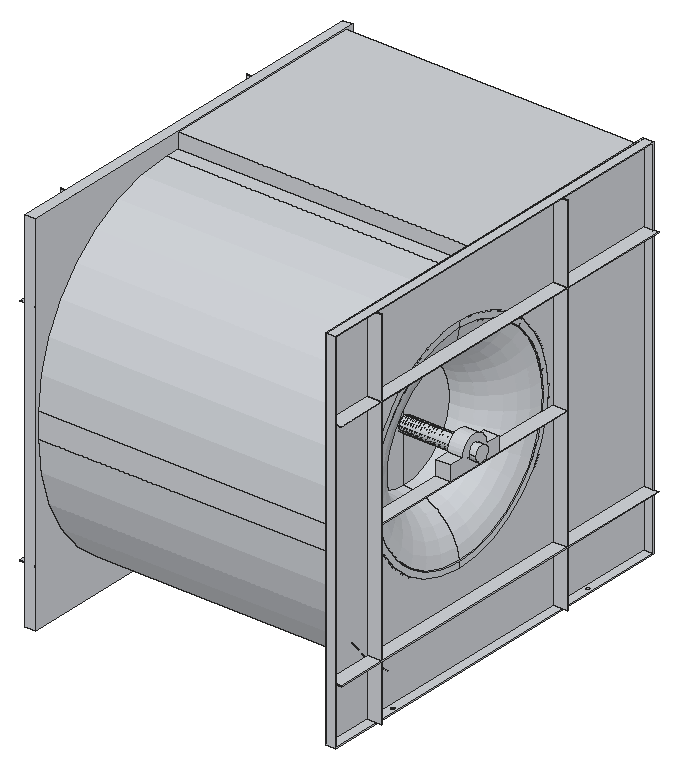
Revit family "CA-4_DWDI_ARR_3_CW_UBD", category Mechanical Equipment, Revit 2019
Family settings
  Round Connector Dimension = Use Radius
  Part Type = Normal
  Work Plane-Based = No
  Always vertical = Yes
  Cut with Voids When Loaded = No
  Shared = No
  Room Calculation Point = No
Parameters (values of type "600_CA-4_DWDI_ARR_3_CW_UBD_CLASS_3")
  T/2 = T / 2  # 17/32"
  T = 1 1/16"
  S = 32"
  P/2 = P / 2  # 44 7/8"
  P = 89 3/4"
  O = 44 7/8"
  N/2 = N / 2  # 2 7/32"
  N+A+H = N + A + H  # 69 5/8"
  N*2 = N * 2  # 8 7/8"
  N = 4 7/16"
  ModelID [instance] = ""
  M = 14 3/4"
  L = 110 3/4"
  J-.125" = J - 1/8"  # 2 7/8"
  J*1.5 = J * 1.5  # 4 1/2"
  INLET_RAD+1.5" = INLET_RAD + 1 1/2"  # 34 1/2"
  G+N = G + N  # 56 1/16"
  G-(INLET_RAD+1.5") = G - (INLET_RAD + 1 1/2")  # 17 1/8"
  G+(INLET_RAD+1.5") = G + (INLET_RAD + 1 1/2")  # 86 1/8"
  F-G = F - G  # 58"
  E = 49 3/4"
  Accessories [instance] = ""
  -J*1.5 = -J * 1.5  # -4 1/2"
  J = 3"
  Unit Weight [instance] = ""
  INLET_RAD/2 = INLET_RAD / 2  # 16 1/2"
  INLET_RAD = INLET_DIA / 2  # 33"
  INLET_DIA = 66"
  H = 3"
  EE = E  # 49 3/4"
  Sones [instance] = ""
  D/8 = D / 8  # 14 49/64"
  D/2 = D / 2  # 59 1/16"
  D = 118 1/8"
  Motor RPM [instance] = ""
  Motor Enclosure [instance] = ""
  LwA [instance] = ""
  Fan RPM [instance] = ""
  G = 51 5/8"
  F/2 = F / 2  # 54 13/16"
  F = 109 5/8"
  B/2 = B / 2  # 43 1/8"
  B+.25" = B + 1/4"  # 86 1/2"
  B = 86 1/4"
  A+.25" = A + 1/4"  # 62 7/16"
  A = 62 3/16"
  3" = 3"  # constant formula
  Brake Hp [instance] = ""
  4" = 4"  # constant formula
  2' = 24"
  2" = 2"  # constant formula
  1" = 1"  # constant formula
  0 = 0"  # constant formula
  Voltage [instance] = 0 V
  URL = "www.lorencook.com"
  Type Comments = "Airfoil Centrifugal Blower Arrangement 3 Clockwise Up Blast Discharge"  # constant formula
  Static Pressure [instance] = 0.00 in-wg
  Power [instance] = Voltage * Motor FLA * sqrt(if(Phase = 3, 3, 1))  # 0 VA
  Phase [instance] = 0
  Number of Poles [instance] = 1
  Motor Hp [instance] = "0"
  Motor FLA [instance] = 0 A
  Model = "CA-4 DWDI CW UBD Class 3"
  Manufacturer = "Loren Cook Company"
  CFM [instance] = 0 CFM
  1.5 = 1 1/2"  # constant formula
  ONE EIGTH = 1/8"  # constant formula
  -L+M = -L + M  # -96"
  -B = -B  # -86 1/4"
  -A = -A  # -62 3/16"
  -(B/2)-J = -(B / 2) - J  # -46 1/8"
  -B/2 = -B / 2  # -43 1/8"
  (F/2)-S = (F / 2) - S  # 22 13/16"
  (B/2)+J = (B / 2) + J  # 46 1/8"
  (B/2)+.125" = (B / 2) + 1/8"  # 43 1/4"
Types (55): name | T/2 | T | S | P/2 | P | O | N/2 | N+A+H | N*2 | N | M | L | J-.125" | J*1.5 | INLET_RAD+1.5" | G+N | G-(INLET_RAD+1.5") | G+(INLET_RAD+1.5") | F-G | E | -J*1.5 | J | INLET_RAD/2 | INLET_RAD | INLET_DIA | H | EE | D/8 | D/2 | D | G | F/2 | F | B/2 | B+.25" | B | A+.25" | A | Model | -L+M | -B | -A | -(B/2)-J | -B/2 | (F/2)-S | (B/2)+J | (B/2)+.125"
  (no name) | 17/32" | 1 1/16" | 32" | 44 7/8" | 89 3/4" | 44 7/8" | 2 7/32" | 69 5/8" | 8 7/8" | 4 7/16" | 14 3/4" | 110 3/4" | 2 7/8" | 4 1/2" | 34 1/2" | 56 1/16" | 17 1/8" | 86 1/8" | 58" | 49 3/4" | -4 1/2" | 3" | 16 1/2" | 33" | 66" | 3" | 49 3/4" | 14 49/64" | 59 1/16" | 118 1/8" | 51 5/8" | 54 13/16" | 109 5/8" | 43 1/8" | 86 1/2" | 86 1/4" | 62 7/16" | 62 3/16" | "CA-4 DWDI CW UBD Class 3" | -96" | -86 1/4" | -62 3/16" | -46 1/8" | -43 1/8" | 22 13/16" | 46 1/8" | 43 1/4"
  120_CA-4_DWDI_ARR_3_CW_UBD_CLASS_1 | 11/32" | 11/16" | 7 1/2" | 9 31/32" | 19 15/16" | 9 31/32" | 23/32" | 15 9/16" | 2 7/8" | 1 7/16" | 5 3/4" | 28 11/16" | 1 7/8" | 3" | 9 5/8" | 11 13/16" | 3/4" | 20" | 12 3/8" | 10 3/4" | -3" | 2" | 4 1/16" | 8 1/8" | 16 1/4" | 2" | 10 3/4" | 3 31/128" | 12 31/32" | 25 15/16" | 10 3/8" | 11 3/8" | 22 3/4" | 8 27/32" | 17 15/16" | 17 11/16" | 12 3/8" | 12 1/8" | "CA-4 DWDI CW UBD Class 1" | -22 15/16" | -17 11/16" | -12 1/8" | -10 27/32" | -8 27/32" | 3 7/8" | 10 27/32" | 8 31/32"
  120_CA-4_DWDI_ARR_3_CW_UBD_CLASS_2 | 11/32" | 11/16" | 7 1/2" | 9 31/32" | 19 15/16" | 9 31/32" | 27/32" | 15 13/16" | 3 3/8" | 1 11/16" | 6 1/8" | 29 7/16" | 1 7/8" | 3" | 9 5/8" | 12 1/16" | 3/4" | 20" | 12 3/8" | 10 3/4" | -3" | 2" | 4 1/16" | 8 1/8" | 16 1/4" | 2" | 10 3/4" | 3 31/128" | 12 31/32" | 25 15/16" | 10 3/8" | 11 3/8" | 22 3/4" | 8 27/32" | 17 15/16" | 17 11/16" | 12 3/8" | 12 1/8" | "CA-4 DWDI CW UBD Class 2" | -23 5/16" | -17 11/16" | -12 1/8" | -10 27/32" | -8 27/32" | 3 7/8" | 10 27/32" | 8 31/32"
  120_CA-4_DWDI_ARR_3_CW_UBD_CLASS_3 | 11/32" | 11/16" | 7 1/2" | 9 31/32" | 19 15/16" | 9 31/32" | 31/32" | 16 1/16" | 3 7/8" | 1 15/16" | 6 3/8" | 29 15/16" | 1 7/8" | 3" | 9 5/8" | 12 5/16" | 3/4" | 20" | 12 3/8" | 10 3/4" | -3" | 2" | 4 1/16" | 8 1/8" | 16 1/4" | 2" | 10 3/4" | 3 31/128" | 12 31/32" | 25 15/16" | 10 3/8" | 11 3/8" | 22 3/4" | 8 27/32" | 17 15/16" | 17 11/16" | 12 3/8" | 12 1/8" | "CA-4 DWDI CW UBD Class 3" | -23 9/16" | -17 11/16" | -12 1/8" | -10 27/32" | -8 27/32" | 3 7/8" | 10 27/32" | 8 31/32"
  135_CA-4_DWDI_ARR_3_CW_UBD_CLASS_1 | 11/32" | 11/16" | 8 1/2" | 11 3/32" | 22 3/16" | 11 3/32" | 23/32" | 17 1/16" | 2 7/8" | 1 7/16" | 5 3/4" | 30 15/16" | 1 7/8" | 3" | 10 3/8" | 13 1/16" | 1 1/4" | 22" | 13 7/8" | 12" | -3" | 2" | 4 7/16" | 8 7/8" | 17 3/4" | 2" | 12" | 3 3/16" | 12 3/4" | 25 1/2" | 11 5/8" | 12 3/4" | 25 1/2" | 9 31/32" | 20 3/16" | 19 15/16" | 13 7/8" | 13 5/8" | "CA-4 DWDI CW UBD Class 1" | -25 3/16" | -19 15/16" | -13 5/8" | -11 31/32" | -9 31/32" | 4 1/4" | 11 31/32" | 10 3/32"
  135_CA-4_DWDI_ARR_3_CW_UBD_CLASS_2 | 11/32" | 11/16" | 8 1/2" | 11 3/32" | 22 3/16" | 11 3/32" | 27/32" | 17 5/16" | 3 3/8" | 1 11/16" | 6 1/8" | 31 11/16" | 1 7/8" | 3" | 10 3/8" | 13 5/16" | 1 1/4" | 22" | 13 7/8" | 12" | -3" | 2" | 4 7/16" | 8 7/8" | 17 3/4" | 2" | 12" | 3 77/128" | 14 13/32" | 28 13/16" | 11 5/8" | 12 3/4" | 25 1/2" | 9 31/32" | 20 3/16" | 19 15/16" | 13 7/8" | 13 5/8" | "CA-4 DWDI CW UBD Class 2" | -25 9/16" | -19 15/16" | -13 5/8" | -11 31/32" | -9 31/32" | 4 1/4" | 11 31/32" | 10 3/32"
  135_CA-4_DWDI_ARR_3_CW_UBD_CLASS_3 | 11/32" | 11/16" | 8 1/2" | 11 3/32" | 22 3/16" | 11 3/32" | 1 3/32" | 17 13/16" | 4 3/8" | 2 3/16" | 6 5/8" | 32 11/16" | 1 7/8" | 3" | 10 3/8" | 13 13/16" | 1 1/4" | 22" | 13 7/8" | 12" | -3" | 2" | 4 7/16" | 8 7/8" | 17 3/4" | 2" | 12" | 3 77/128" | 14 13/32" | 28 13/16" | 11 5/8" | 12 3/4" | 25 1/2" | 9 31/32" | 20 3/16" | 19 15/16" | 13 7/8" | 13 5/8" | "CA-4 DWDI CW UBD Class 3" | -26 1/16" | -19 15/16" | -13 5/8" | -11 31/32" | -9 31/32" | 4 1/4" | 11 31/32" | 10 3/32"
  150_CA-4_DWDI_ARR_3_CW_UBD_CLASS_1 | 11/32" | 11/16" | 9" | 12 1/8" | 24 1/4" | 12 1/8" | 27/32" | 18 15/16" | 3 3/8" | 1 11/16" | 6 5/8" | 34 1/4" | 1 7/8" | 3" | 11 1/8" | 14 9/16" | 1 3/4" | 24" | 15 1/4" | 13 1/4" | -3" | 2" | 4 13/16" | 9 5/8" | 19 1/4" | 2" | 13 1/4" | 3 123/128" | 15 27/32" | 31 11/16" | 12 7/8" | 14 1/16" | 28 1/8" | 11" | 22 1/4" | 22" | 15 1/2" | 15 1/4" | "CA-4 DWDI CW UBD Class 1" | -27 5/8" | -22" | -15 1/4" | -13" | -11" | 5 1/16" | 13" | 11 1/8"
  150_CA-4_DWDI_ARR_3_CW_UBD_CLASS_2 | 11/32" | 11/16" | 9" | 12 1/8" | 24 1/4" | 12 1/8" | 31/32" | 19 3/16" | 3 7/8" | 1 15/16" | 6 7/8" | 34 3/4" | 1 7/8" | 3" | 11 1/8" | 14 13/16" | 1 3/4" | 24" | 15 1/4" | 13 1/4" | -3" | 2" | 4 13/16" | 9 5/8" | 19 1/4" | 2" | 13 1/4" | 3 123/128" | 15 27/32" | 31 11/16" | 12 7/8" | 14 1/16" | 28 1/8" | 11" | 22 1/4" | 22" | 15 1/2" | 15 1/4" | "CA-4 DWDI CW UBD Class 2" | -27 7/8" | -22" | -15 1/4" | -13" | -11" | 5 1/16" | 13" | 11 1/8"
  150_CA-4_DWDI_ARR_3_CW_UBD_CLASS_3 | 11/32" | 11/16" | 9" | 12 1/8" | 24 1/4" | 12 1/8" | 1 7/32" | 19 11/16" | 4 7/8" | 2 7/16" | 7 1/4" | 35 1/2" | 1 7/8" | 3" | 11 1/8" | 15 5/16" | 1 3/4" | 24" | 15 1/4" | 13 1/4" | -3" | 2" | 4 13/16" | 9 5/8" | 19 1/4" | 2" | 13 1/4" | 3 123/128" | 15 27/32" | 31 11/16" | 12 7/8" | 14 1/16" | 28 1/8" | 11" | 22 1/4" | 22" | 15 1/2" | 15 1/4" | "CA-4 DWDI CW UBD Class 3" | -28 1/4" | -22" | -15 1/4" | -13" | -11" | 5 1/16" | 13" | 11 1/8"
  165_CA-4_DWDI_ARR_3_CW_UBD_CLASS_1 | 11/32" | 11/16" | 10" | 13 1/8" | 26 1/4" | 13 1/8" | 27/32" | 20 5/8" | 3 3/8" | 1 11/16" | 6 5/8" | 36 1/4" | 1 7/8" | 3" | 12 1/8" | 15 15/16" | 2 1/8" | 26 3/8" | 16 5/8" | 14 3/8" | -3" | 2" | 5 5/16" | 10 5/8" | 21 1/4" | 2" | 14 3/8" | 4 39/128" | 17 7/32" | 34 7/16" | 14 1/4" | 15 7/16" | 30 7/8" | 12" | 24 1/4" | 24" | 17 3/16" | 16 15/16" | "CA-4 DWDI CW UBD Class 1" | -29 5/8" | -24" | -16 15/16" | -14" | -12" | 5 7/16" | 14" | 12 1/8"
  165_CA-4_DWDI_ARR_3_CW_UBD_CLASS_2 | 11/32" | 11/16" | 10" | 13 1/8" | 26 1/4" | 13 1/8" | 31/32" | 20 7/8" | 3 7/8" | 1 15/16" | 6 7/8" | 36 3/4" | 1 7/8" | 3" | 12 1/8" | 16 3/16" | 2 1/8" | 26 3/8" | 16 5/8" | 14 3/8" | -3" | 2" | 5 5/16" | 10 5/8" | 21 1/4" | 2" | 14 3/8" | 4 39/128" | 17 7/32" | 34 7/16" | 14 1/4" | 15 7/16" | 30 7/8" | 12" | 24 1/4" | 24" | 17 3/16" | 16 15/16" | "CA-4 DWDI CW UBD Class 2" | -29 7/8" | -24" | -16 15/16" | -14" | -12" | 5 7/16" | 14" | 12 1/8"
  165_CA-4_DWDI_ARR_3_CW_UBD_CLASS_3 | 11/32" | 11/16" | 10" | 13 1/8" | 26 1/4" | 13 1/8" | 1 7/32" | 21 3/8" | 4 7/8" | 2 7/16" | 7 3/16" | 37 1/2" | 1 7/8" | 3" | 12 1/8" | 16 11/16" | 2 1/8" | 26 3/8" | 16 5/8" | 14 3/8" | -3" | 2" | 5 5/16" | 10 5/8" | 21 1/4" | 2" | 14 3/8" | 4 39/128" | 17 7/32" | 34 7/16" | 14 1/4" | 15 7/16" | 30 7/8" | 12" | 24 1/4" | 24" | 17 3/16" | 16 15/16" | "CA-4 DWDI CW UBD Class 3" | -30 5/16" | -24" | -16 15/16" | -14" | -12" | 5 7/16" | 14" | 12 1/8"
  180_CA-4_DWDI_ARR_3_CW_UBD_CLASS_1 | 11/32" | 11/16" | 11" | 14 5/32" | 28 5/16" | 14 5/32" | 27/32" | 22 3/16" | 3 3/8" | 1 11/16" | 7 1/8" | 38 13/16" | 1 7/8" | 3" | 12 7/8" | 17 3/16" | 2 5/8" | 28 3/8" | 18 1/8" | 15 5/8" | -3" | 2" | 5 11/16" | 11 3/8" | 22 3/4" | 2" | 15 5/8" | 4 85/128" | 18 21/32" | 37 5/16" | 15 1/2" | 16 13/16" | 33 5/8" | 13 1/32" | 26 5/16" | 26 1/16" | 18 3/4" | 18 1/2" | "CA-4 DWDI CW UBD Class 1" | -31 11/16" | -26 1/16" | -18 1/2" | -15 1/32" | -13 1/32" | 5 13/16" | 15 1/32" | 13 5/32"
  180_CA-4_DWDI_ARR_3_CW_UBD_CLASS_2 | 11/32" | 11/16" | 11" | 14 5/32" | 28 5/16" | 14 5/32" | 31/32" | 22 7/16" | 3 7/8" | 1 15/16" | 7 3/8" | 39 5/16" | 1 7/8" | 3" | 12 7/8" | 17 7/16" | 2 5/8" | 28 3/8" | 18 1/8" | 15 5/8" | -3" | 2" | 5 11/16" | 11 3/8" | 22 3/4" | 2" | 15 5/8" | 4 85/128" | 18 21/32" | 37 5/16" | 15 1/2" | 16 13/16" | 33 5/8" | 13 1/32" | 26 5/16" | 26 1/16" | 18 3/4" | 18 1/2" | "CA-4 DWDI CW UBD Class 2" | -31 15/16" | -26 1/16" | -18 1/2" | -15 1/32" | -13 1/32" | 5 13/16" | 15 1/32" | 13 5/32"
  180_CA-4_DWDI_ARR_3_CW_UBD_CLASS_3 | 11/32" | 11/16" | 11" | 14 5/32" | 28 5/16" | 14 5/32" | 1 7/32" | 22 15/16" | 4 7/8" | 2 7/16" | 7 3/4" | 40 1/16" | 1 7/8" | 3" | 12 7/8" | 17 15/16" | 2 5/8" | 28 3/8" | 18 1/8" | 15 5/8" | -3" | 2" | 5 11/16" | 11 3/8" | 22 3/4" | 2" | 15 5/8" | 4 85/128" | 18 21/32" | 37 5/16" | 15 1/2" | 16 13/16" | 33 5/8" | 13 1/32" | 26 5/16" | 26 1/16" | 18 3/4" | 18 1/2" | "CA-4 DWDI CW UBD Class 3" | -32 5/16" | -26 1/16" | -18 1/2" | -15 1/32" | -13 1/32" | 5 13/16" | 15 1/32" | 13 5/32"
  195_CA-4_DWDI_ARR_3_CW_UBD_CLASS_1 | 11/32" | 11/16" | 11 1/2" | 15 11/32" | 30 11/16" | 15 11/32" | 31/32" | 23 7/16" | 3 7/8" | 1 15/16" | 7 1/4" | 41 11/16" | 1 7/8" | 3" | 13 5/8" | 18 11/16" | 3 1/8" | 30 3/8" | 19 1/2" | 16 3/4" | -3" | 2" | 6 1/16" | 12 1/8" | 24 1/4" | 2" | 16 3/4" | 5 1/128" | 20 1/32" | 40 1/16" | 16 3/4" | 18 1/8" | 36 1/4" | 14 7/32" | 28 11/16" | 28 7/16" | 19 3/4" | 19 1/2" | "CA-4 DWDI CW UBD Class 1" | -34 7/16" | -28 7/16" | -19 1/2" | -16 7/32" | -14 7/32" | 6 5/8" | 16 7/32" | 14 11/32"
  195_CA-4_DWDI_ARR_3_CW_UBD_CLASS_2 | 11/32" | 11/16" | 11 1/2" | 15 11/32" | 30 11/16" | 15 11/32" | 1 3/32" | 23 11/16" | 4 3/8" | 2 3/16" | 7 5/8" | 42 3/16" | 1 7/8" | 3" | 13 5/8" | 18 15/16" | 3 1/8" | 30 3/8" | 19 1/2" | 16 3/4" | -3" | 2" | 6 1/16" | 12 1/8" | 24 1/4" | 2" | 16 3/4" | 5 1/128" | 20 1/32" | 40 1/16" | 16 3/4" | 18 1/8" | 36 1/4" | 14 7/32" | 28 11/16" | 28 7/16" | 19 3/4" | 19 1/2" | "CA-4 DWDI CW UBD Class 2" | -34 9/16" | -28 7/16" | -19 1/2" | -16 7/32" | -14 7/32" | 6 5/8" | 16 7/32" | 14 11/32"
  195_CA-4_DWDI_ARR_3_CW_UBD_CLASS_3 | 11/32" | 11/16" | 11 1/2" | 15 11/32" | 30 11/16" | 15 11/32" | 1 11/32" | 24 3/16" | 5 3/8" | 2 11/16" | 8" | 42 15/16" | 1 7/8" | 3" | 13 5/8" | 19 7/16" | 3 1/8" | 30 3/8" | 19 1/2" | 16 3/4" | -3" | 2" | 6 1/16" | 12 1/8" | 24 1/4" | 2" | 16 3/4" | 5 1/128" | 20 1/32" | 40 1/16" | 16 3/4" | 18 1/8" | 36 1/4" | 14 7/32" | 28 11/16" | 28 7/16" | 19 3/4" | 19 1/2" | "CA-4 DWDI CW UBD Class 3" | -34 15/16" | -28 7/16" | -19 1/2" | -16 7/32" | -14 7/32" | 6 5/8" | 16 7/32" | 14 11/32"
  210_CA-4_DWDI_ARR_3_CW_UBD_CLASS_1 | 15/32" | 15/16" | 12" | 16 5/16" | 32 5/8" | 6 5/16" | 31/32" | 25 9/16" | 3 7/8" | 1 15/16" | 7 7/8" | 44 1/8" | 1 7/8" | 3" | 14 1/2" | 20 1/16" | 3 5/8" | 32 5/8" | 21" | 18" | -3" | 2" | 6 1/2" | 13" | 26" | 2" | 18" | 5 47/128" | 21 15/32" | 42 15/16" | 18 1/8" | 19 9/16" | 39 1/8" | 15 3/16" | 30 5/8" | 30 3/8" | 21 7/8" | 21 5/8" | "CA-4 DWDI CW UBD Class 1" | -36 1/4" | -30 3/8" | -21 5/8" | -17 3/16" | -15 3/16" | 7 9/16" | 17 3/16" | 15 5/16"
  210_CA-4_DWDI_ARR_3_CW_UBD_CLASS_2 | 15/32" | 15/16" | 12" | 16 5/16" | 32 5/8" | 6 5/16" | 1 3/32" | 25 13/16" | 4 3/8" | 2 3/16" | 8 1/8" | 44 5/8" | 1 7/8" | 3" | 14 1/2" | 20 5/16" | 3 5/8" | 32 5/8" | 21" | 18" | -3" | 2" | 6 1/2" | 13" | 26" | 2" | 18" | 5 47/128" | 21 15/32" | 42 15/16" | 18 1/8" | 19 9/16" | 39 1/8" | 15 3/16" | 30 5/8" | 30 3/8" | 21 7/8" | 21 5/8" | "CA-4 DWDI CW UBD Class 2" | -36 1/2" | -30 3/8" | -21 5/8" | -17 3/16" | -15 3/16" | 7 9/16" | 17 3/16" | 15 5/16"
  210_CA-4_DWDI_ARR_3_CW_UBD_CLASS_3 | 15/32" | 15/16" | 12" | 16 5/16" | 32 5/8" | 6 5/16" | 1 11/32" | 26 5/16" | 5 3/8" | 2 11/16" | 8 1/2" | 45 3/8" | 1 7/8" | 3" | 14 1/2" | 20 13/16" | 3 5/8" | 32 5/8" | 21" | 18" | -3" | 2" | 6 1/2" | 13" | 26" | 2" | 18" | 5 47/128" | 21 15/32" | 42 15/16" | 18 1/8" | 19 9/16" | 39 1/8" | 15 3/16" | 30 5/8" | 30 3/8" | 21 7/8" | 21 5/8" | "CA-4 DWDI CW UBD Class 3" | -36 7/8" | -30 3/8" | -21 5/8" | -17 3/16" | -15 3/16" | 7 9/16" | 17 3/16" | 15 5/16"
  225_CA-4_DWDI_ARR_3_CW_UBD_CLASS_1 | 15/32" | 15/16" | 12 1/2" | 17 3/8" | 34 3/4" | 17 3/8" | 31/32" | 27 1/8" | 3 7/8" | 1 15/16" | 7 7/8" | 46 1/4" | 1 7/8" | 3" | 15 1/4" | 21 5/16" | 4 1/8" | 34 5/8" | 22 3/8" | 19 1/4" | -3" | 2" | 6 7/8" | 13 3/4" | 27 1/2" | 2" | 19 1/4" | 5 93/128" | 22 29/32" | 45 13/16" | 19 3/8" | 20 7/8" | 41 3/4" | 16 1/4" | 32 3/4" | 32 1/2" | 23 7/16" | 23 3/16" | "CA-4 DWDI CW UBD Class 1" | -38 3/8" | -32 1/2" | -23 3/16" | -18 1/4" | -16 1/4" | 8 3/8" | 18 1/4" | 16 3/8"
  225_CA-4_DWDI_ARR_3_CW_UBD_CLASS_2 | 15/32" | 15/16" | 12 1/2" | 17 3/8" | 34 3/4" | 17 3/8" | 1 7/32" | 27 5/8" | 4 7/8" | 2 7/16" | 8 1/4" | 47" | 1 7/8" | 3" | 15 1/4" | 21 13/16" | 4 1/8" | 34 5/8" | 22 3/8" | 19 1/4" | -3" | 2" | 6 7/8" | 13 3/4" | 27 1/2" | 2" | 19 1/4" | 5 93/128" | 22 29/32" | 45 13/16" | 19 3/8" | 20 7/8" | 41 3/4" | 16 1/4" | 32 3/4" | 32 1/2" | 23 7/16" | 23 3/16" | "CA-4 DWDI CW UBD Class 2" | -38 3/4" | -32 1/2" | -23 3/16" | -18 1/4" | -16 1/4" | 8 3/8" | 18 1/4" | 16 3/8"
  225_CA-4_DWDI_ARR_3_CW_UBD_CLASS_3 | 15/32" | 15/16" | 12 1/2" | 17 3/8" | 34 3/4" | 17 3/8" | 1 15/32" | 28 1/8" | 5 7/8" | 2 15/16" | 8 1/2" | 47 1/2" | 1 7/8" | 3" | 15 1/4" | 22 5/16" | 4 1/8" | 34 5/8" | 22 3/8" | 19 1/4" | -3" | 2" | 6 7/8" | 13 3/4" | 27 1/2" | 2" | 19 1/4" | 5 93/128" | 22 29/32" | 45 13/16" | 19 3/8" | 20 7/8" | 41 3/4" | 16 1/4" | 32 3/4" | 32 1/2" | 23 7/16" | 23 3/16" | "CA-4 DWDI CW UBD Class 3" | -39" | -32 1/2" | -23 3/16" | -18 1/4" | -16 1/4" | 8 3/8" | 18 1/4" | 16 3/8"
  245_CA-4_DWDI_ARR_3_CW_UBD_CLASS_1 | 15/32" | 15/16" | 12 1/2" | 18 21/32" | 37 5/16" | 18 21/32" | 1 3/32" | 29 11/16" | 4 3/8" | 2 3/16" | 8 5/8" | 49 13/16" | 1 7/8" | 3" | 16 1/4" | 23 5/16" | 4 7/8" | 37 3/8" | 24 1/4" | 20 7/8" | -3" | 2" | 7 3/8" | 14 3/4" | 29 1/2" | 2" | 20 7/8" | 6 13/64" | 24 13/16" | 49 5/8" | 21 1/8" | 22 11/16" | 45 3/8" | 17 17/32" | 35 5/16" | 35 1/16" | 25 3/4" | 25 1/2" | "CA-4 DWDI CW UBD Class 1" | -41 3/16" | -35 1/16" | -25 1/2" | -19 17/32" | -17 17/32" | 10 3/16" | 19 17/32" | 17 21/32"
  245_CA-4_DWDI_ARR_3_CW_UBD_CLASS_2 | 15/32" | 15/16" | 12 1/2" | 18 21/32" | 37 5/16" | 18 21/32" | 1 7/32" | 29 15/16" | 4 7/8" | 2 7/16" | 8 3/4" | 50 1/16" | 1 7/8" | 3" | 16 1/4" | 23 9/16" | 4 7/8" | 37 3/8" | 24 1/4" | 20 7/8" | -3" | 2" | 7 3/8" | 14 3/4" | 29 1/2" | 2" | 20 7/8" | 6 13/64" | 24 13/16" | 49 5/8" | 21 1/8" | 22 11/16" | 45 3/8" | 17 17/32" | 35 5/16" | 35 1/16" | 25 3/4" | 25 1/2" | "CA-4 DWDI CW UBD Class 2" | -41 5/16" | -35 1/16" | -25 1/2" | -19 17/32" | -17 17/32" | 10 3/16" | 19 17/32" | 17 21/32"
  245_CA-4_DWDI_ARR_3_CW_UBD_CLASS_3 | 15/32" | 15/16" | 12 1/2" | 18 21/32" | 37 5/16" | 18 21/32" | 1 3/32" | 29 11/16" | 4 3/8" | 2 3/16" | 8 3/4" | 50 11/16" | 1 7/8" | 3" | 16 1/4" | 23 5/16" | 4 7/8" | 37 3/8" | 24 1/4" | 20 7/8" | -3" | 2" | 7 3/8" | 14 3/4" | 29 1/2" | 2" | 20 7/8" | 6 13/64" | 24 13/16" | 49 5/8" | 21 1/8" | 22 11/16" | 45 3/8" | 17 17/32" | 35 5/16" | 35 1/16" | 25 3/4" | 25 1/2" | "CA-4 DWDI CW UBD Class 3" | -41 15/16" | -35 1/16" | -25 1/2" | -19 17/32" | -17 17/32" | 10 3/16" | 19 17/32" | 17 21/32"
  270_CA-4_DWDI_ARR_3_CW_UBD_CLASS_1 | 15/32" | 15/16" | 15" | 20 27/32" | 41 11/16" | 20 27/32" | 1 3/32" | 31 11/16" | 4 3/8" | 2 3/16" | 8 5/8" | 54 3/16" | 1 7/8" | 3" | 17 1/2" | 25 7/16" | 5 3/4" | 40 3/4" | 26 5/8" | 23 3/8" | -3" | 2" | 8" | 16" | 32" | 2" | 23 3/8" | 6 55/64" | 27 7/16" | 54 7/8" | 23 1/4" | 24 15/16" | 49 7/8" | 19 23/32" | 39 11/16" | 39 7/16" | 27 3/4" | 27 1/2" | "CA-4 DWDI CW UBD Class 1" | -45 9/16" | -39 7/16" | -27 1/2" | -21 23/32" | -19 23/32" | 9 15/16" | 21 23/32" | 19 27/32"
  270_CA-4_DWDI_ARR_3_CW_UBD_CLASS_2 | 15/32" | 15/16" | 15" | 20 27/32" | 41 11/16" | 20 27/32" | 1 11/32" | 32 3/16" | 5 3/8" | 2 11/16" | 9" | 54 15/16" | 1 7/8" | 3" | 17 1/2" | 25 15/16" | 5 3/4" | 40 3/4" | 26 5/8" | 23 3/8" | -3" | 2" | 8" | 16" | 32" | 2" | 23 3/8" | 6 55/64" | 27 7/16" | 54 7/8" | 23 1/4" | 24 15/16" | 49 7/8" | 19 23/32" | 39 11/16" | 39 7/16" | 27 3/4" | 27 1/2" | "CA-4 DWDI CW UBD Class 2" | -45 15/16" | -39 7/16" | -27 1/2" | -21 23/32" | -19 23/32" | 9 15/16" | 21 23/32" | 19 27/32"
  270_CA-4_DWDI_ARR_3_CW_UBD_CLASS_3 | 15/32" | 15/16" | 15" | 20 27/32" | 41 11/16" | 20 27/32" | 1 3/32" | 31 11/16" | 4 3/8" | 2 3/16" | 8 3/4" | 55 1/16" | 1 7/8" | 3" | 17 1/2" | 25 7/16" | 5 3/4" | 40 3/4" | 26 5/8" | 23 3/8" | -3" | 2" | 8" | 16" | 32" | 2" | 23 3/8" | 6 55/64" | 27 7/16" | 54 7/8" | 23 1/4" | 24 15/16" | 49 7/8" | 19 23/32" | 39 11/16" | 39 7/16" | 27 3/4" | 27 1/2" | "CA-4 DWDI CW UBD Class 3" | -46 5/16" | -39 7/16" | -27 1/2" | -21 23/32" | -19 23/32" | 9 15/16" | 21 23/32" | 19 27/32"
  300_CA-4_DWDI_ARR_3_CW_UBD_CLASS_1 | 15/32" | 15/16" | 16 1/2" | 22 5/8" | 45 1/4" | 22 5/8" | 1 7/32" | 35 5/8" | 4 7/8" | 2 7/16" | 9 1/4" | 58 1/2" | 1 7/8" | 3" | 19" | 28 5/16" | 6 7/8" | 44 7/8" | 29 1/2" | 25 3/8" | -3" | 2" | 8 3/4" | 17 1/2" | 35" | 2" | 25 3/8" | 7 33/64" | 30 1/16" | 60 1/8" | 25 7/8" | 27 11/16" | 55 3/8" | 21 1/2" | 43 1/4" | 43" | 31 7/16" | 31 3/16" | "CA-4 DWDI CW UBD Class 1" | -49 1/4" | -43" | -31 3/16" | -23 1/2" | -21 1/2" | 11 3/16" | 23 1/2" | 21 5/8"
  300_CA-4_DWDI_ARR_3_CW_UBD_CLASS_2 | 15/32" | 15/16" | 16 1/2" | 22 5/8" | 45 1/4" | 22 5/8" | 1 11/32" | 35 7/8" | 5 3/8" | 2 11/16" | 9 1/2" | 59" | 1 7/8" | 3" | 19" | 28 9/16" | 6 7/8" | 44 7/8" | 29 1/2" | 25 3/8" | -3" | 2" | 8 3/4" | 17 1/2" | 35" | 2" | 25 3/8" | 7 33/64" | 30 1/16" | 60 1/8" | 25 7/8" | 27 11/16" | 55 3/8" | 21 1/2" | 43 1/4" | 43" | 31 7/16" | 31 3/16" | "CA-4 DWDI CW UBD Class 2" | -49 1/2" | -43" | -31 3/16" | -23 1/2" | -21 1/2" | 11 3/16" | 23 1/2" | 21 5/8"
  300_CA-4_DWDI_ARR_3_CW_UBD_CLASS_3 | 15/32" | 15/16" | 16 1/2" | 22 5/8" | 45 1/4" | 22 5/8" | 1 7/32" | 35 5/8" | 4 7/8" | 2 7/16" | 9 1/2" | 59 3/8" | 1 7/8" | 3" | 19" | 28 5/16" | 6 7/8" | 44 7/8" | 29 1/2" | 25 3/8" | -3" | 2" | 8 3/4" | 17 1/2" | 35" | 2" | 25 3/8" | 7 33/64" | 30 1/16" | 60 1/8" | 25 7/8" | 27 11/16" | 55 3/8" | 21 1/2" | 43 1/4" | 43" | 31 7/16" | 31 3/16" | "CA-4 DWDI CW UBD Class 3" | -49 7/8" | -43" | -31 3/16" | -23 1/2" | -21 1/2" | 11 3/16" | 23 1/2" | 21 5/8"
  330_CA-4_DWDI_ARR_3_CW_UBD_CLASS_1 | 15/32" | 15/16" | 18" | 24 21/32" | 49 5/16" | 24 21/32" | 1 11/32" | 39 3/16" | 5 3/8" | 2 11/16" | 10 1/16" | 63 9/16" | 1 7/8" | 3" | 20 1/2" | 31 1/16" | 7 7/8" | 48 7/8" | 32 3/8" | 27 7/8" | -3" | 2" | 9 1/2" | 19" | 38" | 2" | 27 7/8" | 8 31/128" | 32 31/32" | 65 15/16" | 28 3/8" | 30 3/8" | 60 3/4" | 23 17/32" | 47 5/16" | 47 1/16" | 34 3/4" | 34 1/2" | "CA-4 DWDI CW UBD Class 1" | -53 1/2" | -47 1/16" | -34 1/2" | -25 17/32" | -23 17/32" | 12 3/8" | 25 17/32" | 23 21/32"
  330_CA-4_DWDI_ARR_3_CW_UBD_CLASS_2 | 15/32" | 15/16" | 18" | 24 21/32" | 49 5/16" | 24 21/32" | 1 3/32" | 38 11/16" | 4 3/8" | 2 3/16" | 9 5/8" | 63 11/16" | 1 7/8" | 3" | 20 1/2" | 30 9/16" | 7 7/8" | 48 7/8" | 32 3/8" | 27 7/8" | -3" | 2" | 9 1/2" | 19" | 38" | 2" | 27 7/8" | 8 31/128" | 32 31/32" | 65 15/16" | 28 3/8" | 30 3/8" | 60 3/4" | 23 17/32" | 47 5/16" | 47 1/16" | 34 3/4" | 34 1/2" | "CA-4 DWDI CW UBD Class 2" | -54 1/16" | -47 1/16" | -34 1/2" | -25 17/32" | -23 17/32" | 12 3/8" | 25 17/32" | 23 21/32"
  330_CA-4_DWDI_ARR_3_CW_UBD_CLASS_3 | 15/32" | 15/16" | 18" | 24 21/32" | 49 5/16" | 24 21/32" | 1 7/32" | 38 15/16" | 4 7/8" | 2 7/16" | 10" | 63 15/16" | 1 7/8" | 3" | 20 1/2" | 30 13/16" | 7 7/8" | 48 7/8" | 32 3/8" | 27 7/8" | -3" | 2" | 9 1/2" | 19" | 38" | 2" | 27 7/8" | 8 31/128" | 32 31/32" | 65 15/16" | 28 3/8" | 30 3/8" | 60 3/4" | 23 17/32" | 47 5/16" | 47 1/16" | 34 3/4" | 34 1/2" | "CA-4 DWDI CW UBD Class 3" | -53 15/16" | -47 1/16" | -34 1/2" | -25 17/32" | -23 17/32" | 12 3/8" | 25 17/32" | 23 21/32"
  365_CA-4_DWDI_ARR_3_CW_UBD_CLASS_1 | 15/32" | 15/16" | 20" | 27 7/32" | 54 7/16" | 27 7/32" | 1 3/32" | 42 7/8" | 4 3/8" | 2 3/16" | 10 5/16" | 69 5/16" | 1 7/8" | 3" | 22 1/4" | 33 9/16" | 9 1/8" | 53 5/8" | 35 5/8" | 30 5/8" | -3" | 2" | 10 3/8" | 20 3/4" | 41 1/2" | 2" | 30 5/8" | 9 1/16" | 36 1/4" | 72 1/2" | 31 3/8" | 33 1/2" | 67" | 26 3/32" | 52 7/16" | 52 3/16" | 38 15/16" | 38 11/16" | "CA-4 DWDI CW UBD Class 1" | -59" | -52 3/16" | -38 11/16" | -28 3/32" | -26 3/32" | 13 1/2" | 28 3/32" | 26 7/32"
  365_CA-4_DWDI_ARR_3_CW_UBD_CLASS_2 | 15/32" | 15/16" | 20" | 27 7/32" | 54 7/16" | 27 7/32" | 1 7/32" | 43 1/8" | 4 7/8" | 2 7/16" | 10 1/2" | 69 9/16" | 1 7/8" | 3" | 22 1/4" | 33 13/16" | 9 1/8" | 53 5/8" | 35 5/8" | 30 5/8" | -3" | 2" | 10 3/8" | 20 3/4" | 41 1/2" | 2" | 30 5/8" | 9 1/16" | 36 1/4" | 72 1/2" | 31 3/8" | 33 1/2" | 67" | 26 3/32" | 52 7/16" | 52 3/16" | 38 15/16" | 38 11/16" | "CA-4 DWDI CW UBD Class 2" | -59 1/16" | -52 3/16" | -38 11/16" | -28 3/32" | -26 3/32" | 13 1/2" | 28 3/32" | 26 7/32"
  365_CA-4_DWDI_ARR_3_CW_UBD_CLASS_3 | 15/32" | 15/16" | 20" | 27 7/32" | 54 7/16" | 27 7/32" | 1 11/32" | 43 3/8" | 5 3/8" | 2 11/16" | 10 1/2" | 70 1/16" | 1 7/8" | 3" | 22 1/4" | 34 1/16" | 9 1/8" | 53 5/8" | 35 5/8" | 30 5/8" | -3" | 2" | 10 3/8" | 20 3/4" | 41 1/2" | 2" | 30 5/8" | 9 1/16" | 36 1/4" | 72 1/2" | 31 3/8" | 33 1/2" | 67" | 26 3/32" | 52 7/16" | 52 3/16" | 38 15/16" | 38 11/16" | "CA-4 DWDI CW UBD Class 3" | -59 9/16" | -52 3/16" | -38 11/16" | -28 3/32" | -26 3/32" | 13 1/2" | 28 3/32" | 26 7/32"
  402_CA-4_DWDI_ARR_3_CW_UBD_CLASS_1 | 17/32" | 1 1/16" | 22" | 30 21/32" | 61 5/16" | 30 21/32" | 1 7/32" | 47 3/16" | 4 7/8" | 2 7/16" | 10" | 75 11/16" | 2 7/8" | 4 1/2" | 24 1/8" | 37 1/16" | 10 1/2" | 58 3/4" | 39 1/4" | 33 5/8" | -4 1/2" | 3" | 11 5/16" | 22 5/8" | 45 1/4" | 3" | 33 5/8" | 10 9/128" | 40 9/32" | 80 9/16" | 34 5/8" | 36 15/16" | 73 7/8" | 28 29/32" | 58 1/16" | 57 13/16" | 42" | 41 3/4" | "CA-4 DWDI CW UBD Class 1" | -65 11/16" | -57 13/16" | -41 3/4" | -31 29/32" | -28 29/32" | 14 15/16" | 31 29/32" | 29 1/32"
  402_CA-4_DWDI_ARR_3_CW_UBD_CLASS_2 | 17/32" | 1 1/16" | 22" | 30 21/32" | 61 5/16" | 30 21/32" | 1 7/32" | 47 3/16" | 4 7/8" | 2 7/16" | 10" | 75 11/16" | 2 7/8" | 4 1/2" | 24 1/8" | 37 1/16" | 10 1/2" | 58 3/4" | 39 1/4" | 33 5/8" | -4 1/2" | 3" | 11 5/16" | 22 5/8" | 45 1/4" | 3" | 33 5/8" | 10 9/128" | 40 9/32" | 80 9/16" | 34 5/8" | 36 15/16" | 73 7/8" | 28 29/32" | 58 1/16" | 57 13/16" | 42" | 41 3/4" | "CA-4 DWDI CW UBD Class 2" | -65 11/16" | -57 13/16" | -41 3/4" | -31 29/32" | -28 29/32" | 14 15/16" | 31 29/32" | 29 1/32"
  402_CA-4_DWDI_ARR_3_CW_UBD_CLASS_3 | 17/32" | 1 1/16" | 22" | 30 21/32" | 61 5/16" | 30 21/32" | 1 11/32" | 47 7/16" | 5 3/8" | 2 11/16" | 10 1/2" | 76 3/16" | 2 7/8" | 4 1/2" | 24 1/8" | 37 5/16" | 10 1/2" | 58 3/4" | 39 1/4" | 33 5/8" | -4 1/2" | 3" | 11 5/16" | 22 5/8" | 45 1/4" | 3" | 33 5/8" | 10 9/128" | 40 9/32" | 80 9/16" | 34 5/8" | 36 15/16" | 73 7/8" | 28 29/32" | 58 1/16" | 57 13/16" | 42" | 41 3/4" | "CA-4 DWDI CW UBD Class 3" | -65 11/16" | -57 13/16" | -41 3/4" | -31 29/32" | -28 29/32" | 14 15/16" | 31 29/32" | 29 1/32"
  445_CA-4_DWDI_ARR_3_CW_UBD_CLASS_1 | 17/32" | 1 1/16" | 24" | 33 7/8" | 67 3/4" | 33 7/8" | 1 7/32" | 51 3/8" | 4 7/8" | 2 7/16" | 10 5/8" | 82 5/8" | 2 7/8" | 4 1/2" | 26 1/4" | 40 11/16" | 12" | 64 1/2" | 43 1/4" | 37 1/8" | -4 1/2" | 3" | 12 3/8" | 24 3/4" | 49 1/2" | 3" | 37 1/8" | 11 11/128" | 44 11/32" | 88 11/16" | 38 1/4" | 40 3/4" | 81 1/2" | 32 1/8" | 64 1/2" | 64 1/4" | 46 3/16" | 45 15/16" | "CA-4 DWDI CW UBD Class 1" | -72" | -64 1/4" | -45 15/16" | -35 1/8" | -32 1/8" | 16 3/4" | 35 1/8" | 32 1/4"
  445_CA-4_DWDI_ARR_3_CW_UBD_CLASS_2 | 17/32" | 1 1/16" | 24" | 33 7/8" | 67 3/4" | 33 7/8" | 1 11/32" | 51 5/8" | 5 3/8" | 2 11/16" | 11" | 83 1/2" | 2 7/8" | 4 1/2" | 26 1/4" | 40 15/16" | 12" | 64 1/2" | 43 1/4" | 37 1/8" | -4 1/2" | 3" | 12 3/8" | 24 3/4" | 49 1/2" | 3" | 37 1/8" | 11 11/128" | 44 11/32" | 88 11/16" | 38 1/4" | 40 3/4" | 81 1/2" | 32 1/8" | 64 1/2" | 64 1/4" | 46 3/16" | 45 15/16" | "CA-4 DWDI CW UBD Class 2" | -72 1/2" | -64 1/4" | -45 15/16" | -35 1/8" | -32 1/8" | 16 3/4" | 35 1/8" | 32 1/4"
  445_CA-4_DWDI_ARR_3_CW_UBD_CLASS_3 | 17/32" | 1 1/16" | 24" | 33 7/8" | 67 3/4" | 33 7/8" | 1 15/32" | 51 7/8" | 5 7/8" | 2 15/16" | 11" | 83 1/2" | 2 7/8" | 4 1/2" | 26 1/4" | 41 3/16" | 12" | 64 1/2" | 43 1/4" | 37 1/8" | -4 1/2" | 3" | 12 3/8" | 24 3/4" | 49 1/2" | 3" | 37 1/8" | 11 11/128" | 44 11/32" | 88 11/16" | 38 1/4" | 40 3/4" | 81 1/2" | 32 1/8" | 64 1/2" | 64 1/4" | 46 3/16" | 45 15/16" | "CA-4 DWDI CW UBD Class 3" | -72 1/2" | -64 1/4" | -45 15/16" | -35 1/8" | -32 1/8" | 16 3/4" | 35 1/8" | 32 1/4"
  490_CA-4_DWDI_ARR_3_CW_UBD_CLASS_1 | 17/32" | 1 1/16" | 26 1/2" | 36 13/16" | 73 5/8" | 36 13/16" | 1 15/32" | 56 15/16" | 5 7/8" | 2 15/16" | 11 1/2" | 89 1/2" | 2 7/8" | 4 1/2" | 29" | 45 3/16" | 13 1/4" | 71 1/4" | 47 1/2" | 40 3/4" | -4 1/2" | 3" | 13 3/4" | 27 1/2" | 55" | 3" | 40 3/4" | 12 19/128" | 48 19/32" | 97 3/16" | 42 1/4" | 44 7/8" | 89 3/4" | 35 1/16" | 70 3/8" | 70 1/8" | 51 1/4" | 51" | "CA-4 DWDI CW UBD Class 1" | -78" | -70 1/8" | -51" | -38 1/16" | -35 1/16" | 18 3/8" | 38 1/16" | 35 3/16"
  490_CA-4_DWDI_ARR_3_CW_UBD_CLASS_2 | 17/32" | 1 1/16" | 26 1/2" | 36 13/16" | 73 5/8" | 36 13/16" | 1 23/32" | 57 7/16" | 6 7/8" | 3 7/16" | 12" | 90 3/8" | 2 7/8" | 4 1/2" | 29" | 45 11/16" | 13 1/4" | 71 1/4" | 47 1/2" | 40 3/4" | -4 1/2" | 3" | 13 3/4" | 27 1/2" | 55" | 3" | 40 3/4" | 12 19/128" | 48 19/32" | 97 3/16" | 42 1/4" | 44 7/8" | 89 3/4" | 35 1/16" | 70 3/8" | 70 1/8" | 51 1/4" | 51" | "CA-4 DWDI CW UBD Class 2" | -78 3/8" | -70 1/8" | -51" | -38 1/16" | -35 1/16" | 18 3/8" | 38 1/16" | 35 3/16"
  490_CA-4_DWDI_ARR_3_CW_UBD_CLASS_3 | 17/32" | 1 1/16" | 26 1/2" | 36 13/16" | 73 5/8" | 36 13/16" | 1 23/32" | 57 7/16" | 6 7/8" | 3 7/16" | 12" | 90 5/8" | 2 7/8" | 4 1/2" | 29" | 45 11/16" | 13 1/4" | 71 1/4" | 47 1/2" | 40 3/4" | -4 1/2" | 3" | 13 3/4" | 27 1/2" | 55" | 3" | 40 3/4" | 12 19/128" | 48 19/32" | 97 3/16" | 42 1/4" | 44 7/8" | 89 3/4" | 35 1/16" | 70 3/8" | 70 1/8" | 51 1/4" | 51" | "CA-4 DWDI CW UBD Class 3" | -78 5/8" | -70 1/8" | -51" | -38 1/16" | -35 1/16" | 18 3/8" | 38 1/16" | 35 3/16"
  540_CA-4_DWDI_ARR_3_CW_UBD_CLASS_1 | 17/32" | 1 1/16" | 29" | 40 23/32" | 81 7/16" | 40 23/32" | 1 23/32" | 62 3/16" | 6 7/8" | 3 7/16" | 12 7/16" | 98 5/16" | 2 7/8" | 4 1/2" | 31 1/2" | 49 15/16" | 15" | 78" | 52 1/4" | 44 7/8" | -4 1/2" | 3" | 15" | 30" | 60" | 3" | 44 7/8" | 13 11/32" | 53 3/8" | 106 3/4" | 46 1/2" | 49 3/8" | 98 3/4" | 38 31/32" | 78 3/16" | 77 15/16" | 56" | 55 3/4" | "CA-4 DWDI CW UBD Class 1" | -85 7/8" | -77 15/16" | -55 3/4" | -41 31/32" | -38 31/32" | 20 3/8" | 41 31/32" | 39 3/32"
  540_CA-4_DWDI_ARR_3_CW_UBD_CLASS_2 | 17/32" | 1 1/16" | 29" | 40 23/32" | 81 7/16" | 40 23/32" | 1 31/32" | 62 11/16" | 7 7/8" | 3 15/16" | 13 3/4" | 98 5/16" | 2 7/8" | 4 1/2" | 31 1/2" | 50 7/16" | 15" | 78" | 52 1/4" | 44 7/8" | -4 1/2" | 3" | 15" | 30" | 60" | 3" | 44 7/8" | 13 11/32" | 53 3/8" | 106 3/4" | 46 1/2" | 49 3/8" | 98 3/4" | 38 31/32" | 78 3/16" | 77 15/16" | 56" | 55 3/4" | "CA-4 DWDI CW UBD Class 2" | -84 9/16" | -77 15/16" | -55 3/4" | -41 31/32" | -38 31/32" | 20 3/8" | 41 31/32" | 39 3/32"
  540_CA-4_DWDI_ARR_3_CW_UBD_CLASS_3 | 17/32" | 1 1/16" | 29" | 40 23/32" | 81 7/16" | 40 23/32" | 1 31/32" | 62 11/16" | 7 7/8" | 3 15/16" | 14 3/16" | 100 3/16" | 2 7/8" | 4 1/2" | 31 1/2" | 50 7/16" | 15" | 78" | 52 1/4" | 44 7/8" | -4 1/2" | 3" | 15" | 30" | 60" | 3" | 44 7/8" | 13 11/32" | 53 3/8" | 106 3/4" | 46 1/2" | 49 3/8" | 98 3/4" | 38 31/32" | 78 3/16" | 77 15/16" | 56" | 55 3/4" | "CA-4 DWDI CW UBD Class 3" | -86" | -77 15/16" | -55 3/4" | -41 31/32" | -38 31/32" | 20 3/8" | 41 31/32" | 39 3/32"
  600_CA-4_DWDI_ARR_3_CW_UBD_CLASS_1 | 17/32" | 1 1/16" | 32" | 44 7/8" | 89 3/4" | 44 7/8" | 1 23/32" | 68 5/8" | 6 7/8" | 3 7/16" | 13" | 107 1/2" | 2 7/8" | 4 1/2" | 34 1/2" | 55 1/16" | 17 1/8" | 86 1/8" | 58" | 49 3/4" | -4 1/2" | 3" | 16 1/2" | 33" | 66" | 3" | 49 3/4" | 14 49/64" | 59 1/16" | 118 1/8" | 51 5/8" | 54 13/16" | 109 5/8" | 43 1/8" | 86 1/2" | 86 1/4" | 62 7/16" | 62 3/16" | "CA-4 DWDI CW UBD Class 1" | -94 1/2" | -86 1/4" | -62 3/16" | -46 1/8" | -43 1/8" | 22 13/16" | 46 1/8" | 43 1/4"
  600_CA-4_DWDI_ARR_3_CW_UBD_CLASS_2 | 17/32" | 1 1/16" | 32" | 44 7/8" | 89 3/4" | 44 7/8" | 1 31/32" | 69 1/8" | 7 7/8" | 3 15/16" | 14 1/4" | 108 3/4" | 2 7/8" | 4 1/2" | 34 1/2" | 55 9/16" | 17 1/8" | 86 1/8" | 58" | 49 3/4" | -4 1/2" | 3" | 16 1/2" | 33" | 66" | 3" | 49 3/4" | 14 49/64" | 59 1/16" | 118 1/8" | 51 5/8" | 54 13/16" | 109 5/8" | 43 1/8" | 86 1/2" | 86 1/4" | 62 7/16" | 62 3/16" | "CA-4 DWDI CW UBD Class 2" | -94 1/2" | -86 1/4" | -62 3/16" | -46 1/8" | -43 1/8" | 22 13/16" | 46 1/8" | 43 1/4"
  600_CA-4_DWDI_ARR_3_CW_UBD_CLASS_3 | 17/32" | 1 1/16" | 32" | 44 7/8" | 89 3/4" | 44 7/8" | 2 7/32" | 69 5/8" | 8 7/8" | 4 7/16" | 14 3/4" | 110 3/4" | 2 7/8" | 4 1/2" | 34 1/2" | 56 1/16" | 17 1/8" | 86 1/8" | 58" | 49 3/4" | -4 1/2" | 3" | 16 1/2" | 33" | 66" | 3" | 49 3/4" | 14 49/64" | 59 1/16" | 118 1/8" | 51 5/8" | 54 13/16" | 109 5/8" | 43 1/8" | 86 1/2" | 86 1/4" | 62 7/16" | 62 3/16" | "CA-4 DWDI CW UBD Class 3" | -96" | -86 1/4" | -62 3/16" | -46 1/8" | -43 1/8" | 22 13/16" | 46 1/8" | 43 1/4"
Reference planes (in)
  plane 1 "Center (Front/Back)": y = 0
  plane 2: z = 0
  plane 3 "Center (Left/Right)": x = 0.40541
Forms (in)
  Extrusion 1, solid
    sketch origin (0.40541, 0, 0) x (0, 1, 0) y (0, 0, 1)
      loop
        line (68.375, 109.625) -> (-49.75, 109.625) -> (-49.75, 0) -> (68.375, 0) -> (68.375, 109.625)
    from 46.125 <- "(B/2)+J" to 43.125 <- "B/2"
  Extrusion 2, solid
    sketch origin (0.40541, 0, 0) x (0, 1, 0) y (0, 0, 1)
      loop
        line (68.375, 109.625) -> (-49.75, 109.625) -> (-49.75, 0) -> (68.375, 0) -> (68.375, 109.625)
    from -43.125 <- "-B/2" to -46.125 <- "-(B/2)-J"
  Extrusion 3, void
    sketch origin (46.53041, 0, 0) x (0, -1, 0) y (0, 0, 1)
      loop
        line (49.625, 109.5) -> (-68.25, 109.5) -> (-68.25, 0.125) -> (49.625, 0.125) -> (49.625, 109.5)
    from 0 to 2.875 <- "J-.125""
  Extrusion 4, void
    sketch origin (-45.71959, 0, 0) x (0, 1, 0) y (0, 0, 1)
      loop
        line (68.25, 109.5) -> (-49.625, 109.5) -> (-49.625, 0.125) -> (68.25, 0.125) -> (68.25, 109.5)
    from 0 to 2.875 <- "J-.125""
  Extrusion 5, solid
    sketch origin (-45.71959, 0, 0) x (0, -1, 0) y (0, 0, 1)
      loop
        circle (0, 58) r 2.21875
    from -96 <- "-L+M" to 14.75 <- "M"
  Extrusion 6, solid
    sketch origin (43.53041, 0, 0) x (0, -1, 0) y (0, 0, 1)
      loop
        line (8.875, 58) -> (4.4375, 58)
        arc (4.4375, 58) -> (0, 62.4375) -> (-4.4375, 58) r 4.4375
        line (-4.4375, 58) -> (-8.875, 58) -> (-8.875, 53.5625) -> (8.875, 53.5625) -> (8.875, 58)
      loop
        circle (0, 58) r 2.21875
    from 0 to -4.5 <- "-J*1.5"
  Extrusion 7, solid
    sketch origin (-42.71959, 0, 0) x (0, 1, 0) y (0, 0, 1)
      loop
        line (8.875, 53.5625) -> (8.875, 58) -> (4.4375, 58)
        arc (4.4375, 58) -> (0, 62.4375) -> (-4.4375, 58) r 4.4375
        line (-4.4375, 58) -> (-8.875, 58) -> (-8.875, 53.5625) -> (8.875, 53.5625)
      loop
        circle (0, 58) r 2.21875
    from 0 to -4.5 <- "-J*1.5"
  Extrusion 8, solid
    sketch origin (-42.84459, 0, 0) x (0, -1, 0) y (0, 0, 1)
      loop
        line (-34.625, 86.25) -> (-68.25, 86.25) -> (-68.25, 86.125) -> (-34.625, 86.125) -> (-34.625, 17.125) -> (-68.25, 17.125) -> (-68.25, 17) -> (-34.625, 17) -> (-34.625, 0.125) -> (-34.5, 0.125) -> (-34.5, 17) -> (34.5, 17) -> (34.5, 0.125) -> (34.625, 0.125) -> (34.625, 17) -> (49.625, 17) -> (49.625, 17.125) -> (34.625, 17.125) -> (34.625, 86.125) -> (49.625, 86.125) -> (49.625, 86.25) -> (34.625, 86.25) -> (34.625, 109.5) -> (34.5, 109.5) -> (34.5, 86.25) -> (-34.5, 86.25) -> (-34.5, 109.5) -> (-34.625, 109.5) -> (-34.625, 86.25)
      loop
        line (-34.5, 86.125) -> (-34.5, 17.125) -> (34.5, 17.125) -> (34.5, 86.125) -> (-34.5, 86.125)
    from 0 to 4.5 <- "J*1.5"
  Extrusion 9, solid
    sketch origin (-42.71959, 0, 0) x (0, 1, 0) y (0, 0, 1)
      loop
        line (34.5, 53.4375) -> (34.5, 53.5625) -> (-34.5, 53.5625) -> (-34.5, 53.4375) -> (34.5, 53.4375)
    from 0 to -4.5 <- "-J*1.5"
  Extrusion 10, solid
    sketch origin (43.65541, 0, 0) x (0, 1, 0) y (0, 0, 1)
      loop
        line (-34.5, 86.125) -> (-34.5, 17.125) -> (34.5, 17.125) -> (34.5, 86.125) -> (-34.5, 86.125)
      loop
        line (-34.5, 86.25) -> (-34.5, 109.5) -> (-34.625, 109.5) -> (-34.625, 86.25) -> (-49.625, 86.25) -> (-49.625, 86.125) -> (-34.625, 86.125) -> (-34.625, 17.125) -> (-49.625, 17.125) -> (-49.625, 17) -> (-34.625, 17) -> (-34.625, 0.125) -> (-34.5, 0.125) -> (-34.5, 17) -> (34.5, 17) -> (34.5, 0.125) -> (34.625, 0.125) -> (34.625, 17) -> (68.25, 17) -> (68.25, 17.125) -> (34.625, 17.125) -> (34.625, 86.125) -> (68.25, 86.125) -> (68.25, 86.25) -> (34.625, 86.25) -> (34.625, 109.5) -> (34.5, 109.5) -> (34.5, 86.25) -> (-34.5, 86.25)
    from 0 to 4.5 <- "J*1.5"
  Extrusion 11, solid
    sketch origin (43.65541, 0, 0) x (0, 1, 0) y (0, 0, 1)
      loop
        line (-34.5, 53.4375) -> (34.5, 53.4375) -> (34.5, 53.5625) -> (-34.5, 53.5625) -> (-34.5, 53.4375)
    from 0 to 4.5 <- "J*1.5"
  Extrusion 12, void
    sketch origin (0, 0, 0) x (1, 0, 0) y (0, 1, 0)
      loop
        circle (-44.46959, 45.5625) r 0.53125
      loop
        circle (-44.46959, -26.9375) r 0.53125
      loop
        circle (45.28041, -26.9375) r 0.53125
      loop
        circle (45.28041, 45.5625) r 0.53125
    from -0.25 to 0.25
  Extrusion 13, solid
    sketch origin (-42.71959, 0, 0) x (0, 1, 0) y (0, 0, 1)
      loop
        line (65.375, 109.625) -> (3.1875, 109.625) -> (3.1875, 105.1875) -> (-1.25, 105.1875)
        arc (-1.25, 105.1875) -> (-34.72727, 91.38544) -> (-48.75, 58) r 47.50103
        line (-48.75, 58) -> (-48.75, 50.75)
        arc (-48.75, 50.75) -> (-34.17856, 15.57144) -> (1, 1) r 49.75
        line (1, 1) -> (14.75, 1)
        arc (14.75, 1) -> (50.54728, 15.82772) -> (65.375, 51.625) r 50.625
        line (65.375, 51.625) -> (65.375, 109.625)
    from 86.25 <- "B" to 0
  Revolve 14, void
    sketch origin (0, 0, 0) x (1, 0, 0) y (0, 0, 1)
      loop
        line (-42.84459, 91) -> (-42.84459, 60.21875) -> (-26.34459, 60.21875) -> (-26.34459, 74.5)
        arc (-26.34459, 74.5) -> (-38.01185, 79.33274) -> (-42.84459, 91) r 16.5
      loop
        line (27.15541, 74.5) -> (27.15541, 60.21875) -> (43.65541, 60.21875) -> (43.65541, 91)
        arc (43.65541, 91) -> (38.82267, 79.33274) -> (27.15541, 74.5) r 16.5
      axis (-42.84459, 58) -> (43.65541, 58)
    angle from 0 to 360
Cuts and joins
  Extrusion 3, Extrusion 12, Revolve 14 cuts Extrusion 1
  Extrusion 4, Extrusion 12, Revolve 14 cuts Extrusion 2
  Extrusion 12 cuts Extrusion 8
  Extrusion 12 cuts Extrusion 10
  Revolve 14 cuts Extrusion 5
  Revolve 14 cuts Extrusion 6
  Revolve 14 cuts Extrusion 7
  Revolve 14 cuts Extrusion 9
  Revolve 14 cuts Extrusion 13
Dimensions and locks (in)
  "0": Extrusion 1 sketch curve to level
  "F": Extrusion 1 sketch curve to level
  "0": Extrusion 2 sketch curve to Extrusion 1
  "0": Extrusion 2 sketch curve to level
  "ONE EIGTH": Extrusion 1 to Extrusion 3 sketch curve  (x3)
  "ONE EIGTH": Extrusion 3 sketch curve to Extrusion 1
  "ONE EIGTH": Extrusion 2 to Extrusion 4 sketch curve  (x3)
  "ONE EIGTH": Extrusion 4 sketch curve to Extrusion 2
  "F-G": Extrusion 5 sketch curve to level
  "EE": Extrusion 5 sketch curve to cut or joined group of Extrusion 2, Extrusion 4, Extrusion 12, Revolve 14
  "D": Extrusion 1 sketch curve to Extrusion 1 sketch curve
  "EE": plane 1 "Center (Front/Back)" to Extrusion 1 sketch curve
  "0": cut or joined group of Extrusion 1, Extrusion 3, Extrusion 12, Revolve 14 to Extrusion 2 sketch curve  (x2)
  "F-G": level to Extrusion 6 sketch curve
  "N": Extrusion 6 sketch curve to Extrusion 6 sketch curve
  "N*2": Extrusion 6 sketch curve to plane 1 "Center (Front/Back)"
  "N*2": plane 1 "Center (Front/Back)" to Extrusion 6 sketch curve
  equal spacing: Extrusion 6 sketch curve, Extrusion 6 sketch curve, Extrusion 6 sketch curve
  "0": Extrusion 6 sketch curve to plane 1 "Center (Front/Back)"  (x2)
  "F-G": Extrusion 6 sketch curve to level  (x2)
  "N*2": plane 1 "Center (Front/Back)" to Extrusion 7 sketch curve
  "N*2": Extrusion 7 sketch curve to plane 1 "Center (Front/Back)"
  "F-G": Extrusion 7 sketch curve to level  (x2)
  "N": Extrusion 7 sketch curve to Extrusion 7 sketch curve
  "0": Extrusion 7 sketch curve to plane 1 "Center (Front/Back)"  (x2)
  "0": Extrusion 7 sketch curve to Extrusion 7 sketch curve
  "ONE EIGTH": Extrusion 8 sketch curve to Extrusion 8 sketch curve  (x12)
  "INLET_RAD+1.5"": plane 1 "Center (Front/Back)" to Extrusion 8 sketch curve  (x3)
  "INLET_RAD+1.5"": Extrusion 8 sketch curve to plane 1 "Center (Front/Back)"  (x3)
  "G-(INLET_RAD+1.5")": Extrusion 8 sketch curve to level  (x3)
  "G+(INLET_RAD+1.5")": Extrusion 8 sketch curve to level  (x3)
  "ONE EIGTH": Extrusion 8 sketch curve to level
  "0": cut or joined group of Extrusion 2, Extrusion 4, Extrusion 12, Revolve 14 to Extrusion 8 sketch curve  (x4)
  "ONE EIGTH": Extrusion 8 sketch curve to cut or joined group of Extrusion 2, Extrusion 4, Extrusion 12, Revolve 14
  "0": Extrusion 8 sketch curve to cut or joined group of Extrusion 2, Extrusion 4, Extrusion 12, Revolve 14  (x2)
  "ONE EIGTH": Extrusion 9 sketch curve to Extrusion 9 sketch curve
  "INLET_RAD+1.5"": plane 1 "Center (Front/Back)" to Extrusion 9 sketch curve
  "INLET_RAD+1.5"": Extrusion 9 sketch curve to plane 1 "Center (Front/Back)"
  "0": Extrusion 9 sketch curve to Extrusion 7
  "G+(INLET_RAD+1.5")": level to Extrusion 10 sketch curve
  "G-(INLET_RAD+1.5")": Extrusion 10 sketch curve to level  (x3)
  "INLET_RAD+1.5"": Extrusion 10 sketch curve to plane 1 "Center (Front/Back)"  (x3)
  "INLET_RAD+1.5"": plane 1 "Center (Front/Back)" to Extrusion 10 sketch curve  (x3)
  "G+(INLET_RAD+1.5")": Extrusion 10 sketch curve to level  (x2)
  "ONE EIGTH": Extrusion 10 sketch curve to level  (x2)
  "ONE EIGTH": Extrusion 10 sketch curve to cut or joined group of Extrusion 1, Extrusion 3, Extrusion 12, Revolve 14  (x2)
  "ONE EIGTH": Extrusion 10 sketch curve to Extrusion 10 sketch curve  (x11)
  "ONE EIGTH": cut or joined group of Extrusion 1, Extrusion 3, Extrusion 12, Revolve 14 to Extrusion 10 sketch curve  (x4)
  "0": Extrusion 6 to Extrusion 11 sketch curve
  "ONE EIGTH": Extrusion 11 sketch curve to Extrusion 11 sketch curve
  "INLET_RAD+1.5"": plane 1 "Center (Front/Back)" to Extrusion 11 sketch curve
  "INLET_RAD+1.5"": Extrusion 11 sketch curve to plane 1 "Center (Front/Back)"
  "O": Extrusion 12 sketch curve to plane 3 "Center (Left/Right)"  (x2)
  "O": plane 3 "Center (Left/Right)" to Extrusion 12 sketch curve  (x2)
  "(F/2)-S": cut or joined group of Extrusion 2, Extrusion 4, Extrusion 12, Revolve 14 to Extrusion 12 sketch curve  (x2)
  "(F/2)-S": cut or joined group of Extrusion 1, Extrusion 3, Extrusion 12, Revolve 14 to Extrusion 12 sketch curve  (x2)
  "A": Extrusion 13 sketch curve to Extrusion 13 sketch curve
  "1"": Extrusion 13 sketch curve to cut or joined group of Extrusion 2, Extrusion 4, Extrusion 12, Revolve 14
  "1"": Extrusion 13 sketch curve to level
  "H": cut or joined group of Extrusion 2, Extrusion 4, Extrusion 12, Revolve 14 to Extrusion 13 sketch curve
  "0": Extrusion 13 sketch curve to cut or joined group of Extrusion 2, Extrusion 4, Extrusion 12, Revolve 14
  "N": Extrusion 13 sketch curve to Extrusion 13 sketch curve  (x2)
  "F-G": Extrusion 13 sketch curve to level
  "1"": Extrusion 13 sketch curve to plane 1 "Center (Front/Back)"
  "G": Extrusion 13 sketch curve to level
  "F-G": Revolve 14 sketch curve to level
  "N/2": Revolve 14 sketch curve to Revolve 14 sketch curve  (x2)
  "INLET_RAD/2": Revolve 14 sketch curve to Revolve 14 sketch curve  (x4)
  "(B/2)+.125"": Revolve 14 sketch curve to plane 3 "Center (Left/Right)"
  "(B/2)+.125"": plane 3 "Center (Left/Right)" to Revolve 14 sketch curve
  "INLET_RAD": Revolve 14 sketch curve to Revolve 14 sketch curve  (x2)
  "N/2": radius of Extrusion 5 sketch curve
  "N": radius of Extrusion 6 sketch curve
  "N": radius of Extrusion 7 sketch curve
  "N/2": radius of Extrusion 6 sketch curve
  "N/2": radius of Extrusion 7 sketch curve
  "T/2": radius of Extrusion 12 sketch curve  (x4)
Automatic sketch dimensions
  Extrusion 10 sketch curve to Extrusion 10 sketch curve = 0"
  Revolve 14 sketch curve to Revolve 14 sketch curve = 20.2362"
  Revolve 14 sketch curve to Revolve 14 sketch curve = 16.7013"
Connectors (in)
  hvac at (0.40541, 34.28125, 109.625), driven by "B", driven by "A", driven by "CFM"
    settings: on Extrusion 13, index 1, duct flow 0 CFM, flow factor 0, pres drop 0.00 in-wg, loss coef 0, conn angle 0.00°, conn width 62 3/16", conn height 86 1/4", conn diameter 24", duct sys type 29, conn prof type 1, flow config 0, flow direction 2, loss method 0, conn ref index -1, conn util no, is conn primary yes, conn desc ""
  hvac at (43.53041, 0, 58), driven by "INLET_RAD"
    settings: on cut or joined group of Extrusion 1, Extrusion 3, Extrusion 12, Revolve 14, index 2, duct flow 0 CFM, flow factor 0, pres drop 0.00 in-wg, loss coef 0, conn angle 0.00°, conn width 12", conn height 12", conn diameter 66", duct sys type 29, conn prof type 0, flow config 0, flow direction 1, loss method 0, conn ref index -1, conn util no, is conn primary no, conn desc ""
  hvac at (-42.71959, 0, 58), driven by "INLET_RAD"
    settings: on cut or joined group of Extrusion 2, Extrusion 4, Extrusion 12, Revolve 14, index 3, duct flow 0 CFM, flow factor 0, pres drop 0.00 in-wg, loss coef 0, conn angle 0.00°, conn width 12", conn height 12", conn diameter 66", duct sys type 29, conn prof type 0, flow config 0, flow direction 1, loss method 0, conn ref index -1, conn util no, is conn primary no, conn desc ""
